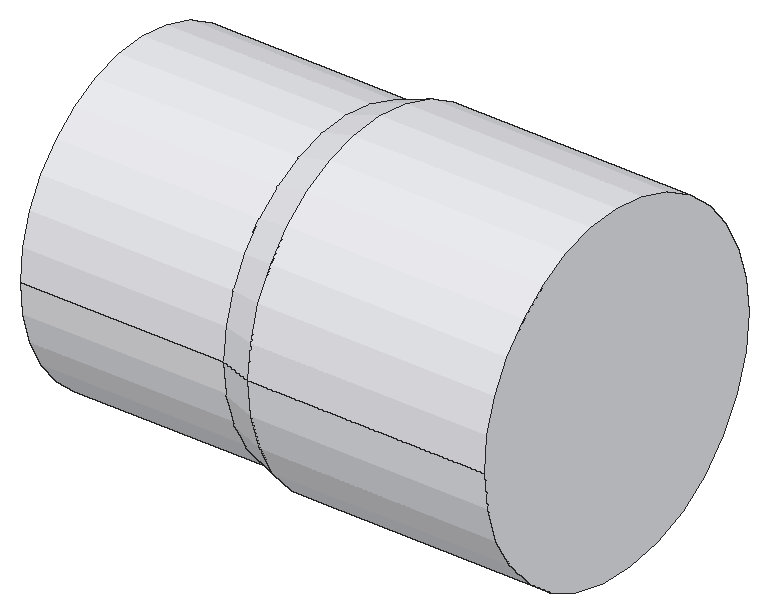
Revit family "PF_Переход [фитинг полипропиленовый - переходная внутренняя-наружная VTp.704.0]1 - VALTEC", category Соединительные детали трубопроводов, Revit 2019
Family settings
  Размер круглого соединителя = Использовать диаметр
  Тип детали = Переход
  На основе рабочей плоскости = Нет
  Всегда вертикально = Да
  При загрузке вырезать с полостями = Нет
  Общий = Нет
Parameters (values of type "VTp.704.0")
  Таблица = "PF_Переход [фитинг полипропиленовый - переходная внутренняя-наружная VTp.704.0] - VALTEC"  # constant formula
  built-in parameter 1114238 [instance] = (empty or 0)
  Материал доп.1 = Красной - VALTEC
  Manufacturer = ""
  dn2 [instance] = size_lookup(Таблица, "dn2", 0 mm, d1, d2)  # 26.8 mm
  dn1 [instance] = size_lookup(Таблица, "dn1", 0 mm, d1, d2)  # 25 mm
  x2 [instance] = if(dn1 = d1, 1 mm, dn2)  # 1 mm
  x1 [instance] = if(dn1 = d1, dn1, 1 mm)  # 25 mm
  dt [instance] = size_lookup(Таблица, "dt", 0 mm, d1, d2)  # 3.4 mm
  d2 [instance] = 20 mm
  d1 [instance] = 25 mm
  URL = "https://valtec.ru/"
  C [instance] = size_lookup(Таблица, "C", 0 mm, d1, d2)  # 14.5 mm
  B [instance] = size_lookup(Таблица, "B", 0 mm, d1, d2)  # 16.5 mm
  ADSK_Примечание [instance] = ""
  ADSK_Позиция [instance] = ""
  ADSK_Обозначение [instance] = "VTp.704.0"  # constant formula
  ADSK_Наименование [instance] = size_lookup(Таблица, "", "Данный типоразмер отсутствует", d1, d2)  # "Фитинг полипропиленовый – переходная внутренняя-наружная, 25 х 20 мм"
  ADSK_Материал = Пластик белый - VALTEC
  ADSK_Масса [instance] = size_lookup(Таблица, "Масса", 0, d1, d2)  # 0.014
  ADSK_Марка [instance] = size_lookup(Таблица, "Маркировка", "Данный типоразмер отсутствует", d1, d2)  # "25х20"
  ADSK_Код изделия [instance] = size_lookup(Таблица, "Код продукта", "Данный типоразмер отсутствует", d1, d2)  # "VTp.704.0.025020"
  ADSK_Завод-изготовитель [instance] = "VALTEC"  # constant formula
  ADSK_Единица измерения [instance] = "шт."  # constant formula
  ADSK_URL страницы изделия = "https://valtec.ru/catalog/sistemy_polipropilenovyh_truboprovodov/polipropilenovye_fitingi/fiting_polipropilenovyj_mufta_perehodnaya_vnutrennyayanarujnaya_vtp7040.html"
  ADSK_URL документации изделия = "https://valtec.ru/document/technical/VTp.700-fitingi-0419.pdf"
  A [instance] = size_lookup(Таблица, "A", 0 mm, d1, d2)  # 38.5 mm
Reference planes
  plane 1 "По центру (Вперед/Назад)": y = 0
  plane 2: z = 0
  plane 3 "По центру (Влево/Вправо)": x = 0
  plane 4: y = -12.5
  plane 5: y = 12.5
  plane 6: y = -0.5
  plane 7: y = 0.5
  plane 8: x = -19.25
  plane 9: x = 19.25
  plane 10: x = -2.75
  plane 11: x = 4.75
Forms (mm)
  Extrusion 1, solid, material "Пластик белый - VALTEC" <- "ADSK_Материал", detail levels medium+fine
    sketch origin (0, 0, 0) x (0, 1, 0) y (0, 0, 1)
      loop
        circle (0, 0) r 12.5
    from -19.25 to -2.75
  Extrusion 2, solid, material "Пластик белый - VALTEC" <- "ADSK_Материал", detail levels medium+fine
    sketch origin (0, 0, 0) x (0, 1, 0) y (0, 0, 1)
      loop
        circle (0, 0) r 13.4
    from 0 to 19.25
  Blend 3, solid, material "Пластик белый - VALTEC" <- "ADSK_Материал", detail levels medium+fine
    base sketch origin (0, 0, 0) x (0, 1, 0) y (0, 0, 1)
      loop
        circle (0, 0) r 12.5
    top sketch origin (0, 0, 0) x (0, 1, 0) y (0, 0, 1)
      loop
        circle (0, 0) r 13.4
    from -2.75 to 0
Cuts and joins
  joined: Extrusion 1, Extrusion 2, Blend 3
Lines and regions (mm)
  model lines, detail levels coarse
    curve 1: line (19.25, 0.5, 0) -> (-19.25, 12.5, 0)
    curve 2: line (19.25, -0.5, 0) -> (-19.25, -12.5, 0)
    curve 3: line (19.25, 0.5, 0) -> (19.25, -0.5, 0)
    curve 4: line (-19.25, -12.5, 0) -> (-19.25, 12.5, 0)
  reference lines
    curve 5: line (-19.25, 0, 0) -> (19.25, 0, 0)
Dimensions and locks
  equal spacing: plane 5, plane 1 "По центру (Вперед/Назад)", plane 4
  "x1": plane 5 to plane 4
  equal spacing: plane 6, plane 1 "По центру (Вперед/Назад)", plane 7
  "x2": plane 6 to plane 7
  equal spacing: plane 8, plane 3 "По центру (Влево/Вправо)", plane 9
  "A": plane 8 to plane 9
  "B": plane 8 to plane 10
  "C": plane 11 to plane 9
  "dn1": diameter of Extrusion 1 sketch curve
  "dn2": diameter of Extrusion 2 sketch curve
  "dn1": diameter of Blend 3 sketch curve
  "dn2": diameter of Blend 3 sketch curve
  aligned and locked: level to plane 2
  aligned and locked: plane 1 "По центру (Вперед/Назад)" to curve 5
  aligned and locked: plane 5 to curve 1
  aligned and locked: plane 4 to curve 2
  aligned and locked: plane 6 to curve 2
  aligned and locked: plane 9 to curve 5
  aligned and locked: plane 7 to curve 1
  aligned and locked: plane 9 to curve 3
  aligned and locked: level to Extrusion 1 sketch curve
  aligned and locked: plane 1 "По центру (Вперед/Назад)" to Extrusion 1 sketch curve
  aligned and locked: level to Extrusion 2 sketch curve
  aligned and locked: plane 1 "По центру (Вперед/Назад)" to Extrusion 2 sketch curve
  aligned and locked: level to Blend 3 sketch curve  (x2)
  aligned and locked: plane 1 "По центру (Вперед/Назад)" to Blend 3 sketch curve  (x2)
  aligned and locked: cut or joined group of Extrusion 1, Extrusion 2, Blend 3 to plane 10
  aligned and locked: plane 3 "По центру (Влево/Вправо)" to cut or joined group of Extrusion 1, Extrusion 2, Blend 3
  aligned and locked: plane 10 to cut or joined group of Extrusion 1, Extrusion 2, Blend 3
  aligned and locked: cut or joined group of Extrusion 1, Extrusion 2, Blend 3 to plane 8
  aligned and locked: cut or joined group of Extrusion 1, Extrusion 2, Blend 3 to plane 3 "По центру (Влево/Вправо)"
  aligned and locked: cut or joined group of Extrusion 1, Extrusion 2, Blend 3 to plane 9
Automatic sketch dimensions
  curve 5 to plane 8 = 0 mm
  curve 1 to plane 8 = 0 mm
Connectors
  piping at (-19.25, 0, 0), diameter 25, driven by "d1"
    settings: on curve 5, index 1, connector inside diameter 609.6 mm, connector length 0 mm, flow factor 0, pipe flow 0.0 L/s, pressure drop 0.0 Pa, fitting loss kfactor 0, connector angle 0.00°, fixture units 0, engagement length 0 mm, angle of deflection 0.00°, flow configuration 0, flow direction 0, fitting loss method 0, system type 28, joint type 0, gender type 0, connector reference index 2, connector utility 0, adjustable connector no, is connector primary yes, connector description ""
  piping at (19.25, 0, 0), diameter 20, driven by "d2"
    settings: on curve 5, index 2, connector inside diameter 609.6 mm, connector length 0 mm, flow factor 0, pipe flow 0.0 L/s, pressure drop 0.0 Pa, fitting loss kfactor 0, connector angle 0.00°, fixture units 0, engagement length 0 mm, angle of deflection 0.00°, flow configuration 0, flow direction 0, fitting loss method 0, system type 28, joint type 0, gender type 0, connector reference index 1, connector utility 0, adjustable connector no, is connector primary no, connector description ""
